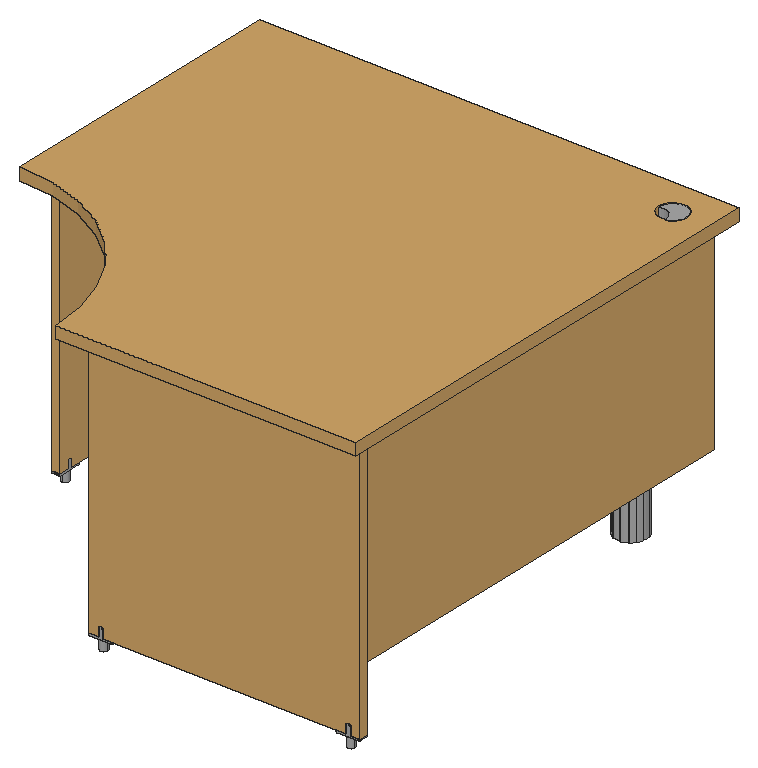
Revit family
Parameters (values of type "1200x1200x720mm")
  Manufacturer = ""
  Model = ""
  상단 면 재료 = 목재 - 티크, 폭
  측면 재료 = 목재 - 티크, 길이
  고무 재료 = 고무 다리
Reference planes
  plane 1 "중심(앞/뒤)": y = 0
  plane 2: z = 0
  plane 3 "중심(왼쪽/오른쪽)": x = 0
  plane 4: x = -750
  plane 5: y = 375
  plane 6: z = 720
  plane 7: z = 690
  plane 8: z = 30
  plane 9: z = 180
  plane 10: x = -710
  plane 11: x = -690
  plane 12: y = 355
  plane 13: z = 25
  plane 14: x = -711
  plane 15: x = -689
  plane 16: y = 340
  plane 17: y = 325
  plane 18: x = 450
  plane 19: y = -825
  plane 20: y = -785
  plane 21: x = 430
  plane 22: x = 415
  plane 23: x = 400
  plane 24: y = -765
Forms (mm)
  Extrusion 1, solid, material "목재 - 티크, 폭" <- "상단 면 재료"
    sketch origin (0, 0, 0) x (1, 0, 0) y (0, 1, 0)
      loop
        line (-750, 375) -> (-750, -375)
        arc (-750, -375) -> (-431.802, -506.802) -> (-300, -825) r 450
        line (-300, -825) -> (450, -825) -> (450, 375) -> (-750, 375)
      loop
        arc (393.422, 283.027) -> (330.55, 304.196) -> (367.814, 249.31) r 35
        arc (367.814, 249.31) -> (386.294, 261.857) -> (393.422, 283.027) r 35
    from 690 to 720
  Extrusion 2, solid, material "고무 다리" <- "고무 재료"
    sketch origin (0, 0, 0) x (0, 1, 0) y (0, 0, 1)
      loop
        line (-325, 30) -> (-325, 28.569)
        arc (-325, 28.569) -> (-323.955, 26.045) -> (-321.431, 25) r 3.569
        line (-321.431, 25) -> (-268.569, 25)
        arc (-268.569, 25) -> (-266.045, 26.045) -> (-265, 28.569) r 3.569
        line (-265, 28.569) -> (-265, 30) -> (-289.167, 30) -> (-289.167, 48.839)
        arc (-289.167, 48.839) -> (-294.574, 54.246) -> (-299.981, 48.839) r 5.407
        line (-299.981, 48.839) -> (-299.981, 30) -> (-325, 30)
    from -710 to -690
  Revolve 3, solid, material "고무 다리" <- "고무 재료"
    sketch origin (-699.906, 0, 0) x (0, 1, 0) y (0, 0, -1)
      loop
        line (-295, 0) -> (-304, 0) -> (-304, -25) -> (-295, -25) -> (-295, 0)
      axis (-295, -25) -> (-295, 0)
    angle from 0 to 360
  Revolve 4, solid, material "고무 다리" <- "고무 재료"
    sketch origin (-515, -775.053, 0) x (-1, 0, 0) y (0, 0, 1)
      loop
        line (-295, 0) -> (-295, 25) -> (-304, 25) -> (-304, 0) -> (-295, 0)
      axis (-295, 25) -> (-295, 0)
    angle from 0 to 360
  Revolve 5, solid, material "고무 다리" <- "고무 재료"
    sketch origin (-699.998, 30, 0) x (0, -1, 0) y (0, 0, 1)
      loop
        line (-295, 0) -> (-295, 25) -> (-304, 25) -> (-304, 0) -> (-295, 0)
      axis (-295, 25) -> (-295, 0)
    angle from 0 to 360
  Revolve 6, solid, material "고무 다리" <- "고무 재료"
    sketch origin (695, -774.811, 0) x (1, 0, 0) y (0, 0, -1)
      loop
        line (-295, 0) -> (-304, 0) -> (-304, -25) -> (-295, -25) -> (-295, 0)
      axis (-295, -25) -> (-295, 0)
    angle from 0 to 360
  Extrusion 7, solid
    sketch origin (0, -35, 0) x (0, 1, 0) y (0, 0, 1)
      loop
        line (-141.994, 690) -> (-191.994, 690) -> (-191.994, 680.808)
        arc (-191.994, 680.808) -> (-183.041, 676.119) -> (-172.997, 675) r 27.358
        line (-172.997, 675) -> (-160.992, 675)
        arc (-160.992, 675) -> (-150.948, 676.119) -> (-141.994, 680.808) r 27.358
        line (-141.994, 680.808) -> (-141.994, 690)
    from -711 to -710
  Extrusion 8, solid, material "고무 다리" <- "고무 재료"
    sketch origin (-1381.966, -35, 0) x (0, 1, 0) y (0, 0, -1)
      loop
        line (-141.994, -690) -> (-141.994, -680.808)
        arc (-141.994, -680.808) -> (-150.948, -676.119) -> (-160.992, -675) r 27.358
        line (-160.992, -675) -> (-172.997, -675)
        arc (-172.997, -675) -> (-183.041, -676.119) -> (-191.994, -680.808) r 27.358
        line (-191.994, -680.808) -> (-191.994, -690) -> (-141.994, -690)
    from -692.966 to -691.966
  Extrusion 9, solid
    sketch origin (0, 35, 0) x (0, -1, 0) y (0, 0, -1)
      loop
        line (-141.994, -690) -> (-141.994, -680.808)
        arc (-141.994, -680.808) -> (-150.948, -676.119) -> (-160.992, -675) r 27.358
        line (-160.992, -675) -> (-172.997, -675)
        arc (-172.997, -675) -> (-183.041, -676.119) -> (-191.994, -680.808) r 27.358
        line (-191.994, -680.808) -> (-191.994, -690) -> (-141.994, -690)
    from -711 to -710
  Extrusion 10, solid, material "고무 다리" <- "고무 재료"
    sketch origin (-1381.966, 35, 0) x (0, -1, 0) y (0, 0, 1)
      loop
        line (-141.994, 690) -> (-191.994, 690) -> (-191.994, 680.808)
        arc (-191.994, 680.808) -> (-183.041, 676.119) -> (-172.997, 675) r 27.358
        line (-172.997, 675) -> (-160.992, 675)
        arc (-160.992, 675) -> (-150.948, 676.119) -> (-141.994, 680.808) r 27.358
        line (-141.994, 680.808) -> (-141.994, 690)
    from -692.966 to -691.966
  Extrusion 11, solid
    sketch origin (110, -1475, 0) x (-1, 0, 0) y (0, 0, -1)
      loop
        line (-141.994, -690) -> (-141.994, -680.808)
        arc (-141.994, -680.808) -> (-150.948, -676.119) -> (-160.992, -675) r 27.358
        line (-160.992, -675) -> (-172.997, -675)
        arc (-172.997, -675) -> (-183.041, -676.119) -> (-191.994, -680.808) r 27.358
        line (-191.994, -680.808) -> (-191.994, -690) -> (-141.994, -690)
    from -711 to -710
  Extrusion 12, solid, material "고무 다리" <- "고무 재료"
    sketch origin (110, -93.034, 0) x (-1, 0, 0) y (0, 0, 1)
      loop
        line (-141.994, 690) -> (-191.994, 690) -> (-191.994, 680.808)
        arc (-191.994, 680.808) -> (-183.041, 676.119) -> (-172.997, 675) r 27.358
        line (-172.997, 675) -> (-160.992, 675)
        arc (-160.992, 675) -> (-150.948, 676.119) -> (-141.994, 680.808) r 27.358
        line (-141.994, 680.808) -> (-141.994, 690)
    from -692.966 to -691.966
  Extrusion 13, solid, material "고무 다리" <- "고무 재료"
    sketch origin (-293.989, -75, 0) x (-1, 0, 0) y (0, 0, 1)
      loop
        line (-141.994, 690) -> (-191.994, 690) -> (-191.994, 680.808)
        arc (-191.994, 680.808) -> (-183.041, 676.119) -> (-172.997, 675) r 27.358
        line (-172.997, 675) -> (-160.992, 675)
        arc (-160.992, 675) -> (-150.948, 676.119) -> (-141.994, 680.808) r 27.358
        line (-141.994, 680.808) -> (-141.994, 690)
    from -711 to -710
  Extrusion 14, solid
    sketch origin (-293.989, -1456.966, 0) x (-1, 0, 0) y (0, 0, -1)
      loop
        line (-141.994, -690) -> (-141.994, -680.808)
        arc (-141.994, -680.808) -> (-150.948, -676.119) -> (-160.992, -675) r 27.358
        line (-160.992, -675) -> (-172.997, -675)
        arc (-172.997, -675) -> (-183.041, -676.119) -> (-191.994, -680.808) r 27.358
        line (-191.994, -680.808) -> (-191.994, -690) -> (-141.994, -690)
    from -692.966 to -691.966
  Extrusion 15, solid, material "고무 다리" <- "고무 재료"
    sketch origin (0, 30, 0) x (0, -1, 0) y (0, 0, -1)
      loop
        line (-325, -30) -> (-299.981, -30) -> (-299.981, -48.839)
        arc (-299.981, -48.839) -> (-294.574, -54.246) -> (-289.167, -48.839) r 5.407
        line (-289.167, -48.839) -> (-289.167, -30) -> (-265, -30) -> (-265, -28.569)
        arc (-265, -28.569) -> (-266.045, -26.045) -> (-268.569, -25) r 3.569
        line (-268.569, -25) -> (-321.431, -25)
        arc (-321.431, -25) -> (-323.955, -26.045) -> (-325, -28.569) r 3.569
        line (-325, -28.569) -> (-325, -30)
    from -710 to -690
  Extrusion 16, solid, material "고무 다리" <- "고무 재료"
    sketch origin (-515, -1474.989, 0) x (-1, 0, 0) y (0, 0, -1)
      loop
        line (-325, -30) -> (-299.981, -30) -> (-299.981, -48.839)
        arc (-299.981, -48.839) -> (-294.574, -54.246) -> (-289.167, -48.839) r 5.407
        line (-289.167, -48.839) -> (-289.167, -30) -> (-265, -30) -> (-265, -28.569)
        arc (-265, -28.569) -> (-266.045, -26.045) -> (-268.569, -25) r 3.569
        line (-268.569, -25) -> (-321.431, -25)
        arc (-321.431, -25) -> (-323.955, -26.045) -> (-325, -28.569) r 3.569
        line (-325, -28.569) -> (-325, -30)
    from -710 to -689.989
  Extrusion 17, solid, material "고무 다리" <- "고무 재료"
    sketch origin (695, -1474.989, 0) x (1, 0, 0) y (0, 0, 1)
      loop
        line (-325, 30) -> (-325, 28.569)
        arc (-325, 28.569) -> (-323.955, 26.045) -> (-321.431, 25) r 3.569
        line (-321.431, 25) -> (-268.569, 25)
        arc (-268.569, 25) -> (-266.045, 26.045) -> (-265, 28.569) r 3.569
        line (-265, 28.569) -> (-265, 30) -> (-289.167, 30) -> (-289.167, 48.839)
        arc (-289.167, 48.839) -> (-294.574, 54.246) -> (-299.981, 48.839) r 5.407
        line (-299.981, 48.839) -> (-299.981, 30) -> (-325, 30)
    from -710 to -689.989
  Extrusion 18, solid, material "목재 - 티크, 길이" <- "측면 재료"
    sketch origin (0, 0, 0) x (0, 1, 0) y (0, 0, 1)
      loop
        line (355, 690) -> (226.994, 690) -> (226.994, 680.808)
        arc (226.994, 680.808) -> (218.041, 676.119) -> (207.997, 675) r 27.358
        line (207.997, 675) -> (195.992, 675)
        arc (195.992, 675) -> (185.948, 676.119) -> (176.994, 680.808) r 27.358
        line (176.994, 680.808) -> (176.994, 690) -> (-176.994, 690) -> (-176.994, 680.808)
        arc (-176.994, 680.808) -> (-185.948, 676.119) -> (-195.992, 675) r 27.358
        line (-195.992, 675) -> (-207.997, 675)
        arc (-207.997, 675) -> (-218.041, 676.119) -> (-226.994, 680.808) r 27.358
        line (-226.994, 680.808) -> (-226.994, 690) -> (-325, 690) -> (-325, 30) -> (-299.981, 30) -> (-299.981, 48.839)
        arc (-299.981, 48.839) -> (-294.574, 54.246) -> (-289.167, 48.839) r 5.407
        line (-289.167, 48.839) -> (-289.167, 30) -> (319.167, 30) -> (319.167, 48.839)
        arc (319.167, 48.839) -> (324.574, 54.246) -> (329.981, 48.839) r 5.407
        line (329.981, 48.839) -> (329.981, 30) -> (355, 30) -> (355, 690)
    from -710 to -690
  Extrusion 19, solid, material "목재 - 티크, 길이" <- "측면 재료"
    sketch origin (0, 0, 0) x (1, 0, 0) y (0, 1, 0)
      loop
        line (-690, 325) -> (400, 325) -> (400, -764.989) -> (415, -764.989) -> (415, 340) -> (-690, 340) -> (-690, 325)
    from 180 to 690
  Extrusion 20, solid, material "고무 다리" <- "고무 재료"
    sketch origin (-316.608, -40.522, 0) x (1, 0, 0) y (0, 1, 0)
      loop
        arc (710.03, 323.549) -> (675.03, 358.549) -> (640.03, 323.549) r 35
        arc (640.03, 323.549) -> (640.056, 322.195) -> (640.135, 320.843) r 35
        arc (640.135, 320.843) -> (669.578, 315.763) -> (684.422, 289.833) r 35.072
        arc (684.422, 289.833) -> (702.902, 302.38) -> (710.03, 323.549) r 35
    from 690 to 720
  Extrusion 21, solid, material "목재 - 티크, 길이" <- "측면 재료"
    sketch origin (75, -1475, 0) x (1, 0, 0) y (0, 0, 1)
      loop
        line (355, 690) -> (226.994, 690) -> (226.994, 680.808)
        arc (226.994, 680.808) -> (218.041, 676.119) -> (207.997, 675) r 27.358
        line (207.997, 675) -> (195.992, 675)
        arc (195.992, 675) -> (185.948, 676.119) -> (176.994, 680.808) r 27.358
        line (176.994, 680.808) -> (176.994, 690) -> (-176.994, 690) -> (-176.994, 680.808)
        arc (-176.994, 680.808) -> (-185.948, 676.119) -> (-195.992, 675) r 27.358
        line (-195.992, 675) -> (-207.997, 675)
        arc (-207.997, 675) -> (-218.041, 676.119) -> (-226.994, 680.808) r 27.358
        line (-226.994, 680.808) -> (-226.994, 690) -> (-325, 690) -> (-325, 30) -> (-299.981, 30) -> (-299.981, 48.839)
        arc (-299.981, 48.839) -> (-294.574, 54.246) -> (-289.167, 48.839) r 5.407
        line (-289.167, 48.839) -> (-289.167, 30) -> (319.167, 30) -> (319.167, 48.839)
        arc (319.167, 48.839) -> (324.574, 54.246) -> (329.981, 48.839) r 5.407
        line (329.981, 48.839) -> (329.981, 30) -> (355, 30) -> (355, 690)
    from -710 to -690
  Extrusion 22, solid, material "고무 다리" <- "고무 재료"
    sketch origin (-606.716, -43.92, 0) x (1, 0, 0) y (0, 1, 0)
      loop
        line (912.234, 302.184) -> (912.234, 301.184)
        arc (912.234, 301.184) -> (911.234, 301.173) -> (910.234, 301.137) r 39
        line (910.234, 301.137) -> (910.234, 302.138)
        arc (910.234, 302.138) -> (903.312, 301.193) -> (896.659, 299.058) r 40
        line (896.659, 299.058) -> (897.047, 298.137)
        arc (897.047, 298.137) -> (896.085, 297.717) -> (895.136, 297.272) r 39
        line (895.136, 297.272) -> (894.699, 298.172)
        arc (894.699, 298.172) -> (888.248, 294.249) -> (882.649, 289.185) r 40
        line (882.649, 289.185) -> (883.357, 288.477)
        arc (883.357, 288.477) -> (882.502, 287.509) -> (881.68, 286.514) r 39
        line (881.68, 286.514) -> (880.968, 287.225)
        arc (880.968, 287.225) -> (876.555, 280.412) -> (873.609, 272.849) r 40
        line (873.609, 272.849) -> (874.572, 272.583)
        arc (874.572, 272.583) -> (874.36, 271.78) -> (874.164, 270.974) r 39
        line (874.164, 270.974) -> (873.19, 271.199)
        arc (873.19, 271.199) -> (872.183, 260.844) -> (873.881, 250.58) r 40
        line (873.881, 250.58) -> (874.868, 250.77)
        arc (874.868, 250.77) -> (875.091, 250.068) -> (875.326, 249.37) r 39
        line (875.326, 249.37) -> (874.415, 248.945)
        arc (874.415, 248.945) -> (878.214, 241.027) -> (883.649, 234.129) r 40
        line (883.649, 234.129) -> (884.362, 234.831)
        arc (884.362, 234.831) -> (884.948, 234.247) -> (885.547, 233.676) r 39
        line (885.547, 233.676) -> (884.865, 232.945)
        arc (884.865, 232.945) -> (891.017, 228.229) -> (897.965, 224.788) r 40
        line (897.965, 224.788) -> (898.319, 225.723)
        arc (898.319, 225.723) -> (899.113, 225.432) -> (899.912, 225.158) r 39
        line (899.912, 225.158) -> (899.598, 224.208)
        arc (899.598, 224.208) -> (908.397, 222.362) -> (917.386, 222.527) r 40
        line (917.386, 222.527) -> (917.125, 223.501)
        arc (917.125, 223.501) -> (918.136, 223.645) -> (919.143, 223.814) r 39
        line (919.143, 223.814) -> (919.236, 222.815)
        arc (919.236, 222.815) -> (926.563, 224.867) -> (933.369, 228.269) r 40
        line (933.369, 228.269) -> (932.92, 229.168)
        arc (932.92, 229.168) -> (933.632, 229.627) -> (934.334, 230.101) r 39
        line (934.334, 230.101) -> (934.785, 229.198)
        arc (934.785, 229.198) -> (940.012, 233.473) -> (944.444, 238.567) r 40
        line (944.444, 238.567) -> (943.701, 239.245)
        arc (943.701, 239.245) -> (944.173, 239.909) -> (944.631, 240.582) r 39
        line (944.631, 240.582) -> (945.464, 240.028)
        arc (945.464, 240.028) -> (948.774, 246.076) -> (950.996, 252.602) r 40
        line (950.996, 252.602) -> (950.025, 252.842)
        arc (950.025, 252.842) -> (950.233, 253.73) -> (950.421, 254.623) r 39
        line (950.421, 254.623) -> (951.402, 254.429)
        arc (951.402, 254.429) -> (952.157, 262.737) -> (951.172, 271.021) r 40
        line (951.172, 271.021) -> (950.206, 270.762)
        arc (950.206, 270.762) -> (950.001, 271.623) -> (949.777, 272.478) r 39
        line (949.777, 272.478) -> (950.742, 272.742)
        arc (950.742, 272.742) -> (948.803, 278.225) -> (946.091, 283.368) r 40
        line (946.091, 283.368) -> (945.27, 282.794)
        arc (945.27, 282.794) -> (944.763, 283.588) -> (944.236, 284.369) r 39
        line (944.236, 284.369) -> (945.058, 284.938)
        arc (945.058, 284.938) -> (941.441, 289.436) -> (937.214, 293.367) r 40
        line (937.214, 293.367) -> (936.587, 292.587)
        arc (936.587, 292.587) -> (935.801, 293.202) -> (935, 293.797) r 39
        line (935, 293.797) -> (935.65, 294.561)
        arc (935.65, 294.561) -> (931.299, 297.308) -> (926.632, 299.475) r 40
        line (926.632, 299.475) -> (926.27, 298.542)
        arc (926.27, 298.542) -> (925.357, 298.884) -> (924.436, 299.202) r 39
        line (924.436, 299.202) -> (924.751, 300.151)
        arc (924.751, 300.151) -> (918.573, 301.667) -> (912.234, 302.184) r 40
    from 10 to 689
  Blend 23, solid, material "고무 다리" <- "고무 재료"
    base sketch origin (881.074, -34.77, 0) x (1, 0, 0) y (0, 1, 0)
      loop
        circle (-575.571, 253.543) r 20.003
    top sketch origin (881.074, -34.77, 0) x (1, 0, 0) y (0, 1, 0)
      loop
        circle (-575.571, 253.543) r 16
    from 0 to 10
Dimensions and locks
  locked: plane 6 to level at 720
  locked: plane 12 to plane 5 at 20
